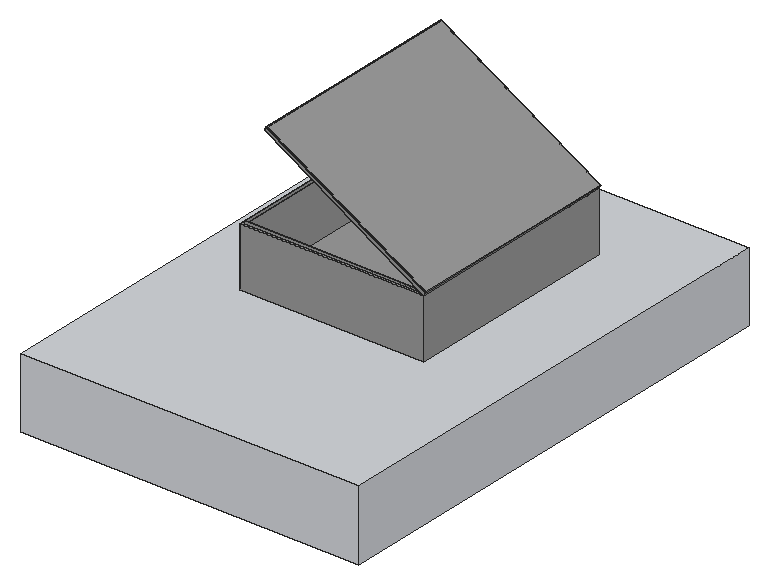
Revit family "Hager-Univers-IP55-D275-H950-Cl.II-Steel_encl-CH-it", category Equipement électrique, Revit 2020
Family settings
  Hôte = Face
  Configuration du panneau = Deux colonnes, circuits au sein
  Cote de connecteur circulaire = Utiliser le diamètre
  Type d'élément = Tableau de raccordement
  Couper avec des vides une fois chargée = Non
  Partagée = Non
  Point de calcul de pièce = Non
Parameters (values of type "A parete IP55 L800 A950 P275  - FR63S")
  Width Control [instance] = if([EF000008 - Larghezza] > Min Width, [EF000008 - Larghezza], Min Width)  # 800 mm
  Commentaires du type = [HG000003 - Gamma]  # "Univers"
  Thickness Door [instance] = if([EF009171 - spessore materiale porta/coperchio] > 3 mm, 3 mm, [EF009171 - spessore materiale porta/coperchio])  # 1.5 mm
  Seal Frame Offset [instance] = 17 mm  # constant formula
  Plinth Visibility [instance] = [HG000027 - Altezza dello zoccolo] > 0 mm  # no
  Model = ""
  Min Width [instance] = 100 mm  # constant formula
  Min Height [instance] = 100 mm  # constant formula
  Min Depth [instance] = (2 * [EF009170 - spessore materiale scatola]) + 1 mm  # 4 mm
  Internal Frame Depth [instance] = (Door System Depth * 0.5)  # 9 mm
  Height Control [instance] = if([EF000040 - Altezza] > Min Height, [EF000040 - Altezza], Min Height)  # 950 mm
  HG000027 - Altezza dello zoccolo = 0 mm
  HG000026 - A pavimento = no
  HG000024 - Altezza della sezione inferiore = 800 mm
  HG000023 - Custodia a doppia sezione = no
  HG000016 - Visibilità delle porte nella vista 3D [instance] = yes
  HG000015 - Visibilità attraverso la porta [instance] = no
  HG000014 - Porta destra [instance] = yes
  HG000013 - Porta sinistra [instance] = not([HG000014 - Porta destra])  # no
  HG000012 - Angolo di apertura della porta [instance] = 30.00°
  HG000010 - Porte asimmetriche = no
  HG000009 - Porta doppia a battente = no
  HG000006 - Ad incasso = no
  HG000004 - Codice produttore = "FR63S"
  HG000003 - Gamma = "Univers"
  HG000002 - Con porta = yes
  Frame Offset Bottom [instance] = 10 mm  # constant formula
  Frame Offset [instance] = 15 mm  # constant formula
  EF015940 - Coprire con rilascio di sovrapressione = no
  EF011959 - tipo di protezione (NEMA) = ""
  EF009554 - numero delle aperture per la piastra della flangia = 6
  Fabricant = "Hager"  # constant formula
  EF009212 - esecuzione coperchio = "EV000116 - chiuso"
  EF009171 - spessore materiale porta/coperchio = 1.5 mm
  EF009170 - spessore materiale scatola = 1.5 mm
  EF008873 - corrente nominale (In) = 800 A
  EF007800 - adatto per parafulmine = no
  EF006306 - con serratura = no
  EF006244 - coperchio/porta trasparente = no
  EF005474 - grado di protezione (IP) = "EV006420 - IP55"
  EF004464 - tipo di porta = "EV002646 - singolo"
  EF004427 - numero di moduli = 216
  EF004293 - resistenza agli urti = "EV008784 - IK10"
  EF003532 - adatto per uso esterno = no
  EF002950 - Numero moduli DIN = 24
  EF001613 - Integrità del circuito = "EV000494 - senza"
  EF001596 - Attacco Lampada = "EV000179 - acciaio"
  EF001131 - profondità interna = 275 mm
  EF001088 - possibilità di applicazione = yes
  EF000437 - numero di ingressi per conduttori = 6
  EF000339 - tipo di copertura = "EV004216 - porta"
  EF000266 - numero di file = 6
  EF000218 - profondità di incasso = 0 mm
  EF000118 - con piastra di montaggio = no
  EF000116 - numero RAL = "7035"
  EF000049 - profondità = 275 mm
  EF000040 - Altezza = 950 mm
  EF000008 - Larghezza = 800 mm
  EF000007 - colore = "EV000270 - grigio"
  EF000003 - Tipo di montaggio = "EV000384 - A parete"
  Door System Leaf Tolerance [instance] = 1.5 mm  # constant formula
  Door System Depth [instance] = 18 mm  # constant formula
  Door Height [instance] = Height Control - [HG000027 - Altezza dello zoccolo]  # 950 mm
  Depth Control [instance] = if([EF000049 - profondità] > Min Depth, [EF000049 - profondità], Min Depth)  # 275 mm
  Default Elevation = 0 mm
  Connector Offset [instance] = Height Control / 2  # 475 mm
  Bottom Top Plate Trim [instance] = 1.5 mm  # constant formula
  Plinth height Ctrl [instance] = if([HG000027 - Altezza dello zoccolo] > 0 mm, [HG000027 - Altezza dello zoccolo], 12 mm)  # 12 mm
Types (5, lengths in mm): name | Width Control | HG000010 - Porte asimmetriche | HG000009 - Porta doppia a battente | HG000004 - Codice produttore | EF009554 - numero delle aperture per la piastra della flangia | EF004464 - tipo di porta | EF004427 - numero di moduli | EF000437 - numero di ingressi per conduttori | EF000008 - Larghezza
  A parete IP55 L1050 A950 P275  - FR64S | 1050 | no | yes | "FR64S" | 8 | "EV003602 - doppio" | 288 | 8 | 1050
  A parete IP55 L1300 A950 P275  - FR65S | 1300 | yes | yes | "FR65S" | 10 | "EV003602 - doppio" | 360 | 10 | 1300
  A parete IP55 L300 A950 P275  - FR61S | 300 | no | no | "FR61S" | 2 | "EV002646 - singolo" | 72 | 2 | 300
  A parete IP55 L550 A950 P275  - FR62S | 550 | no | no | "FR62S" | 4 | "EV002646 - singolo" | 144 | 4 | 550
  A parete IP55 L800 A950 P275  - FR63S | 800 | no | no | "FR63S" | 6 | "EV002646 - singolo" | 216 | 6 | 800
Reference planes
  plane 1 "Center (Front/Back)": y = 0
  plane 2: z = 0
  plane 3 "Center (Left/Right)": x = 0
  plane 4: z = 275
  plane 5: y = 1.5
  plane 6: y = 475
  plane 7: y = 0
  plane 8: y = 950
  plane 9: z = 0
  plane 10: x = -385
  plane 11: x = 385
  plane 12: x = 383.5
  plane 13: x = -383.5
  plane 14: y = 948.5
  plane 15: x = -383
  plane 16: x = -400
  plane 17: x = 383
  plane 18: x = 400
  plane 19: x = 398.5
  plane 20: x = -398.5
  plane 21: y = 11.5
  plane 22: y = 950
  plane 23: y = 933.5
  plane 24: z = 257
  plane 25: z = 1.5
  plane 26: z = 255.5
  plane 27: z = 273.5
Forms (mm)
  Extrusion 1, solid
    sketch origin (0, 0, 0) x (1, 0, 0) y (0, 1, 0)
      loop
        line (-702.964, 1305) -> (-702.964, -811.445) -> (766.763, -811.445) -> (766.763, 1305) -> (-702.964, 1305)
    from 0 to -304.8
  Extrusion 2, solid, material "Hager_Steel_RAL7035_Light_Grey", visible <- "Plinth Visibility", detail levels medium+fine
    sketch origin (0, 0, 0) x (1, 0, 0) y (0, 1, 0)
      loop
        line (-400, 0) -> (400, 0) -> (400, 12) -> (-400, 12) -> (-400, 0)
    from 0 to 257
  Extrusion 3, solid, material "Hager_Steel_RAL7035_Light_Grey", detail levels medium+fine
    sketch origin (0, 0, 0) x (1, 0, 0) y (0, 1, 0)
      loop
        line (-400, 0) -> (400, 0) -> (400, 950) -> (-400, 950) -> (-400, 0)
    from 0 to 257
  Extrusion 4, void
    sketch origin (0, 0, 0) x (1, 0, 0) y (0, 1, 0)
      loop
        line (-398.5, 1.5) -> (398.5, 1.5) -> (398.5, 948.5) -> (-398.5, 948.5) -> (-398.5, 1.5)
    from 1.5 to 255.5
  Extrusion 5, void
    sketch origin (-381.607, -4572, 257) x (0, -1, 0) y (-1, 0, 0)
      loop
        line (-4583.5, 1.893) -> (-5505.5, 1.893) -> (-5505.5, -765.107) -> (-4583.5, -765.107) -> (-4583.5, 1.893)
    from 0 to 1.5 <- "EF009170 - spessore materiale scatola"
  Extrusion 6, solid, material "Hager_Steel_RAL7035_Light_Grey", detail levels fine
    sketch origin (0, 0, 257) x (1, 0, 0) y (0, 1, 0)
      loop
        line (-383.5, 933.5) -> (-383.5, 11.5) -> (383.5, 11.5) -> (383.5, 933.5) -> (-383.5, 933.5)
      loop
        line (-385, 10) -> (385, 10) -> (385, 935) -> (-385, 935) -> (-385, 10)
    from 0 to 9 <- "Internal Frame Depth"
  Extrusion 7, solid, material "Hager_Steel_RAL7035_Light_Grey", detail levels coarse
    sketch origin (0, 0, 0) x (1, 0, 0) y (0, 1, 0)
      loop
        line (-400, 0) -> (400, 0) -> (400, 950) -> (-400, 950) -> (-400, 0)
    from 0 to 275
  Sweep 8, void
    path in 3D
      loop
        line (-400, 12, 0) -> (400, 12, 0) -> (400, 12, 257) -> (-400, 12, 257) -> (-400, 12, 0)
    profile origin (-400, 12, 128.5) x (-1, 0, 0) y (0, -1, 0)
      loop
        line (0, 0) -> (0, 1.5) -> (-1.5, 1.5)
        arc (-1.5, 1.5) -> (-1.061, 0.439) -> (0, 0) r 1.5
Cuts and joins
  Extrusion 4, Extrusion 5 cuts Extrusion 3
  Sweep 8 cuts Extrusion 2
Lines and regions (mm)
  Masking region 1
    outline origin (0, 0, 0) x (1, 0, 0) y (0, 0, 1)
      loop
        line (-400, 275) -> (-400, 0) -> (400, 0) -> (400, 275) -> (-400, 275)
  Masking region 2, detail levels medium+fine
    outline origin (0, 140, 0) x (0, 1, 0) y (0, 0, 1)
      loop
        line (-140, 0) -> (810, 0) -> (810, 257) -> (-140, 257) -> (-140, 0)
  Masking region 3, not visible, detail levels medium+fine
    outline origin (0, 297.922, 0) x (0, 1, 0) y (0, 0, 1)
      loop
        line (188.578, 0) -> (228.578, 0) -> (228.578, 263.5)
        arc (228.578, 263.5) -> (225.649, 270.571) -> (218.578, 273.5) r 10
        line (218.578, 273.5) -> (188.578, 273.5) -> (188.578, 0)
  Masking region 4, detail levels coarse
    outline origin (0, 0, 180) x (0, 1, 0) y (0, 0, 1)
      loop
        line (0, -180) -> (950, -180) -> (950, 95) -> (0, 95) -> (0, -180)
  Masking region 5, visible <- "Plinth Visibility", detail levels medium+fine
    outline origin (0, 52.24, 12.345) x (0, 0, -1) y (0, 1, 0)
      loop
        line (10.845, -40.24) -> (-243.155, -40.24)
        arc (-243.155, -40.24) -> (-243.594, -41.301) -> (-244.655, -41.74) r 1.5
        line (-244.655, -41.74) -> (-244.655, -52.24) -> (12.345, -52.24) -> (12.345, -41.74)
        arc (12.345, -41.74) -> (11.285, -41.301) -> (10.845, -40.24) r 1.5
  Masking region 6, detail levels medium+fine
    outline origin (-381.607, -4572, 257) x (-1, 0, 0) y (0, -1, 0)
      loop
        line (18.393, -5522) -> (18.393, -4572) -> (-781.607, -4572) -> (-781.607, -5522) -> (18.393, -5522)
  Masking region 7, visible <- "Plinth Visibility", detail levels medium+fine
    outline origin (-381.607, -4727, 257) x (-1, 0, 0) y (0, -1, 0)
      loop
        arc (16.893, -4739) -> (17.332, -4737.939) -> (18.393, -4737.5) r 1.5
        line (18.393, -4737.5) -> (18.393, -4727) -> (-781.607, -4727) -> (-781.607, -4737.5)
        arc (-781.607, -4737.5) -> (-780.546, -4737.939) -> (-780.107, -4739) r 1.5
        line (-780.107, -4739) -> (16.893, -4739)
  Masking region 8, detail levels coarse
    outline origin (-442.548, -4669.526, 257) x (-1, 0, 0) y (0, -1, 0)
      loop
        line (-42.548, -5619.526) -> (-42.548, -4669.526) -> (-842.548, -4669.526) -> (-842.548, -5619.526) -> (-42.548, -5619.526)
  sketch lines
    curve 1: line (-400, 12, 257) -> (-400, 12, 0)
    curve 2: line (400, 12, 257) -> (-400, 12, 257)
    curve 3: line (400, 12, 257) -> (400, 12, 0)
    curve 4: line (-400, 12, 0) -> (400, 12, 0)
Dimensions and locks
  "Depth Control": plane 4 to Extrusion 1
  "HG000027 - Altezza dello zoccolo": plane 1 "Center (Front/Back)" to plane 7
  "EF009170 - spessore materiale scatola": plane 5 to plane 7
  locked: connector elem to plane 3 "Center (Left/Right)"
  equal spacing: plane 8, plane 6, plane 7
  locked: connector elem to plane 6
  "EF009170 - spessore materiale scatola": plane 8 to plane 14
  "EF009170 - spessore materiale scatola": plane 10 to plane 13
  "EF009170 - spessore materiale scatola": plane 12 to plane 11
  "Frame Offset": plane 20 to plane 13
  "Frame Offset": plane 12 to plane 19
  "EF009170 - spessore materiale scatola": plane 16 to plane 20
  "EF009170 - spessore materiale scatola": plane 19 to plane 18
  "Seal Frame Offset": plane 16 to plane 15
  "Seal Frame Offset": plane 17 to plane 18
  "Frame Offset Bottom": plane 21 to plane 5
  "Frame Offset": plane 14 to plane 23
  equal spacing: plane 16, plane 3 "Center (Left/Right)", plane 18
  "Width Control": plane 16 to plane 18
  "EF009170 - spessore materiale scatola": plane 4 to plane 27
  "EF009170 - spessore materiale scatola": plane 24 to plane 26
  "EF009170 - spessore materiale scatola": plane 25 to level
  "Door System Depth": plane 4 to plane 24
  "Height Control": plane 1 "Center (Front/Back)" to Extrusion 7 sketch curve
  "Height Control": Masking region 4 sketch curve to plane 1 "Center (Front/Back)"
  "Height Control": plane 1 "Center (Front/Back)" to plane 22
  "Bottom Top Plate Trim": profile plane to Sweep 8 sketch curve
  "Bottom Top Plate Trim": Sweep 8 sketch curve to profile plane
  "Plinth height Ctrl": plane 1 "Center (Front/Back)" to Extrusion 2 sketch curve
  "Plinth height Ctrl": Masking region 5 sketch curve to plane 1 "Center (Front/Back)"
  "Plinth height Ctrl": plane 1 "Center (Front/Back)" to Masking region 7 sketch curve
  "Thickness Door": Extrusion 6 sketch curve to Extrusion 6 sketch curve  (x3)
  "Thickness Door": cut or joined group of Extrusion 3, Extrusion 4, Extrusion 5 to Extrusion 6 sketch curve
  radius of Masking region 3 sketch curve = 10 mm
  "Bottom Top Plate Trim": radius of Masking region 5 sketch curve  (x2)
  "Bottom Top Plate Trim": radius of Sweep 8 sketch curve
  "Bottom Top Plate Trim": radius of Masking region 7 sketch curve  (x2)
  aligned and locked: plane 2 to Extrusion 1
  aligned and locked: level to Extrusion 1
  aligned and locked: level to Masking region 1 sketch curve
  aligned and locked: Masking region 1 sketch curve to plane 18
  aligned and locked: Masking region 1 sketch curve to plane 16
  aligned and locked: plane 7 to Masking region 2 sketch curve
  aligned and locked: level to Masking region 3 sketch curve
  aligned and locked: Masking region 3 sketch curve to plane 27
  aligned and locked: level to Masking region 2 sketch curve
  aligned and locked: plane 1 "Center (Front/Back)" to Extrusion 2 sketch curve
  aligned and locked: Extrusion 3 sketch curve to plane 7
  aligned and locked: plane 16 to Extrusion 3 sketch curve
  aligned and locked: plane 18 to Extrusion 3 sketch curve
  aligned and locked: plane 20 to Extrusion 4 sketch curve
  aligned and locked: plane 19 to Extrusion 4 sketch curve
  aligned and locked: Extrusion 4 sketch curve to plane 5
  aligned and locked: Extrusion 4 to plane 25
  aligned and locked: plane 26 to Extrusion 4
  aligned and locked: plane 24 to Extrusion 3
  aligned and locked: Extrusion 5 sketch curve to plane 21
  aligned and locked: Extrusion 5 sketch curve to plane 13
  aligned and locked: Extrusion 5 sketch curve to plane 12
  aligned and locked: plane 18 to Extrusion 7 sketch curve
  aligned and locked: plane 1 "Center (Front/Back)" to Extrusion 7 sketch curve
  aligned and locked: plane 16 to Extrusion 7 sketch curve
  aligned and locked: plane 4 to Extrusion 7
  aligned and locked: Extrusion 7 to level
  aligned and locked: level to Masking region 4 sketch curve
  aligned and locked: Masking region 4 sketch curve to plane 1 "Center (Front/Back)"
  aligned and locked: Masking region 4 sketch curve to plane 4
  aligned and locked: nested 1 to level
  aligned and locked: nested 1 to plane 16
  aligned and locked: plane 8 to Extrusion 3 sketch curve
  aligned and locked: plane 23 to Extrusion 5 sketch curve
  aligned and locked: plane 14 to Extrusion 4 sketch curve
  aligned and locked: Masking region 2 sketch curve to plane 8
  aligned and locked: level to Masking region 5 sketch curve
  aligned and locked: plane 16 to Extrusion 2 sketch curve
  aligned and locked: plane 18 to Extrusion 2 sketch curve
  aligned and locked: Masking region 5 sketch curve to plane 24
  aligned and locked: Masking region 2 sketch curve to plane 24
  aligned and locked: plane 24 to Extrusion 2
  aligned and locked: profile plane to Sweep 8 sketch curve  (x2)
  aligned and locked: Masking region 6 sketch curve to plane 18
  aligned and locked: Masking region 6 sketch curve to plane 22
  aligned and locked: Masking region 6 sketch curve to plane 16
  aligned and locked: plane 8 to plane 22
  aligned and locked: Masking region 6 sketch curve to plane 7
  aligned and locked: Masking region 7 sketch curve to plane 16
  aligned and locked: Masking region 7 sketch curve to plane 1 "Center (Front/Back)"
  aligned and locked: Masking region 7 sketch curve to plane 18
  aligned and locked: Masking region 8 sketch curve to plane 1 "Center (Front/Back)"
  aligned and locked: Masking region 8 sketch curve to plane 18
  aligned and locked: Masking region 8 sketch curve to plane 22
  aligned and locked: Masking region 8 sketch curve to plane 16
  aligned and locked: nested 2 to plane 7
  aligned and locked: plane 3 "Center (Left/Right)" to nested 2
  aligned and locked: nested 2 to plane 24
  aligned and locked: Extrusion 6 sketch curve to cut or joined group of Extrusion 3, Extrusion 4, Extrusion 5  (x4)
Automatic sketch dimensions
  Extrusion 1 sketch curve to Extrusion 1 sketch curve = 1469.727 mm
  Extrusion 1 sketch curve to Extrusion 1 sketch curve = 2116.445 mm
  Masking region 1 sketch curve to plane 4 = 0 mm
  plane 6 to Masking region 3 sketch curve = 11.5 mm
  Masking region 3 sketch curve to Masking region 3 sketch curve = 30 mm
  Masking region 5 sketch curve to plane 1 "Center (Front/Back)" = 0 mm
Nested families
  nested 1: "Hager_Enclosure_Symbol" at (-400, 0, 0) x (1, 0, 0) z (0, -1, 0), Height <- "Depth Control", Width <- "Width Control", type "Hager_Enclosure_Symbol"
    with Width_Ctrl 800 mm, Width 800 mm, Height_Ctrl 275 mm, Height 275 mm, A_Width_Int 18.047 mm, A_Width 216.562 mm, A_Height_Ctrl 240.625 mm, A_Height 240.625 mm
  nested 2: "EC000058_Univers_Door" at (0, 0, 257) x (1, 0, 0) z (0, 1, 0), Leaf_Tolerance <- "Door System Leaf Tolerance", Angle <- "HG000012 - Angolo di apertura della porta", Door_Depth <- "Door System Depth", Door_Left <- "HG000013 - Porta sinistra", Transparent <- "EF006244 - coperchio/porta trasparente", Assymetrical <- "HG000010 - Porte asimmetriche", Width <- "Width Control", Clearance <- "HG000015 - Visibilità attraverso la porta", Double <- "HG000009 - Porta doppia a battente", 3d_Door <- "HG000016 - Visibilità delle porte nella vista 3D", Lock_Visibility <- "EF006306 - con serratura", Width_Ctrl <- "Width Control", Door_Right <- "HG000014 - Porta destra", Door <- "HG000002 - Con porta", Height <- "Door Height", Thickness <- "Thickness Door", type "EC000058_Univers_Door", detail levels medium+fine
    with min_wh 4 mm, Width_Ctrl 800 mm, Width 800 mm, Transparent no, Thickness 1.5 mm, Seal_Material Hager_Rubber, Lock_Visibility no, Lock_Material Hager_Plastic_RAL9005_Jet_Black, Leaf_Width 800 mm, Leaf_Tolerance_External_Sides 0 mm, Leaf_Tolerance 1.5 mm, Leaf_Offset 0 mm, Leaf_Height 947 mm, Leaf_2_Width 800 mm, Leaf_2_Offset 400 mm, Leaf_1_Width 800 mm, Leaf_1_Offset 400 mm, Height_Ctrl 950 mm, Height 950 mm, Glass_Material Hager_Glass, Double_Clearance_Ctrl no, Double no, Door_Right_Ctrl yes, Door_Right yes, Door_Material Hager_Steel_RAL7035_Light_Grey, Door_Left_Ctrl no, Door_Left no, Door_Depth 18 mm, Door yes, Clearance_Material Hager_Clearance, Clearance_Depth 800 mm, Clearance_Ctrl no, Clearance no, Assymetrical no, Angle 30.00°, 3d_Door yes
Connectors
  electrical at (0, 475, 0)
    settings: on plane 9, index 1, voltage 0 V, apparent load 0 VA, apparent load phase1 0 VA, apparent load phase2 0 VA, apparent load phase3 0 VA, power factor 1, load classification "Other", number of poles 1, system type 30, power factor state 1, is connector primary yes, connector utility no, sub classification motor no, connector description ""
Definition of nested family "EC000058_Univers_Door"
  Parameters (values of type "EC000058_Univers_Door")
    min_wh [instance] = (2 * Thickness) + 1 mm  # 11 mm
    Width_Ctrl [instance] = 400 mm
    Width [instance] = 500 mm
    Transparent [instance] = yes
    Thickness [instance] = 5 mm
    Seal_Material [instance] = none
    Lock_Visibility [instance] = yes
    Lock_Material [instance] = none
    Leaf_Width [instance] = if((Width_Ctrl - 2 * Leaf_Tolerance_External_Sides) > 0 mm, (Width_Ctrl - 2 * Leaf_Tolerance_External_Sides), min_wh)  # 400 mm
    Leaf_Tolerance_External_Sides [instance] = 0 mm  # constant formula
    Leaf_Tolerance [instance] = 1.5 mm
    Leaf_Offset [instance] = 0 mm  # constant formula
    Leaf_Height [instance] = if((Height_Ctrl - 2 * Leaf_Tolerance) > 0 mm, (Height_Ctrl - 2 * Leaf_Tolerance), min_wh)  # 497 mm
    Leaf_2_Width [instance] = if(and(and(Double, Assymetrical), Door_Left), (Leaf_Width / 3) - (Leaf_Tolerance / 2), if(and(and(Double, Assymetrical), Door_Right), (Leaf_Width / 3) * 2 - (Leaf_Tolerance / 2), if(and(Double, not(Assymetrical)), (Leaf_Width / 2) - Leaf_Tolerance, Leaf_Width)))  # 400 mm
    Leaf_2_Offset [instance] = if(and(Double, Assymetrical), Leaf_2_Width / 2, if(and(Double, not(Assymetrical)), Leaf_Width / 4, Leaf_Width / 2))  # 200 mm
    Leaf_1_Width [instance] = if(and(and(Double, Assymetrical), Door_Right), (Leaf_Width / 3) - (Leaf_Tolerance / 2), if(and(and(Double, Assymetrical), Door_Left), (Width / 3) * 2 - (Leaf_Tolerance / 2), if(and(Double, not(Assymetrical)), (Leaf_Width / 2) - Leaf_Tolerance, Leaf_Width)))  # 400 mm
    Leaf_1_Offset [instance] = if(and(Double, Assymetrical), Leaf_1_Width / 2, if(and(Double, not(Assymetrical)), Leaf_Width / 4, Leaf_Width / 2))  # 200 mm
    Height_Ctrl [instance] = if(Height > min_wh, Height, min_wh)  # 500 mm
    Height [instance] = 500 mm
    Glass_Material [instance] = none
    Double_Clearance_Ctrl [instance] = and(Double, Clearance)  # no
    Double [instance] = no
    Door_Right_Ctrl [instance] = and(or(Door_Right, Double), Door)  # yes
    Door_Right [instance] = yes
    Door_Material [instance] = none
    Door_Left_Ctrl [instance] = and(or(Door_Left, Double), Door)  # no
    Door_Left [instance] = no
    Door_Depth [instance] = 30 mm
    Door [instance] = yes
    Default Elevation = 1219.2 mm
    Clearance_Material [instance] = none
    Clearance_Depth [instance] = if(Leaf_1_Width > Leaf_2_Width, Leaf_1_Width, Leaf_2_Width)  # 400 mm
    Clearance_Ctrl [instance] = and(not(Double), Clearance)  # yes
    Clearance [instance] = yes
    Assymetrical [instance] = yes
    Angle [instance] = 30.00°
    3d_Door [instance] = yes
  Reference planes
    plane 1 "Center (Front/Back)": y = 0
    plane 2 "Bottom": z = 0
    plane 3 "Center (Left/Right)": x = 0
    plane 4: z = 500
    plane 5: x = -200
    plane 6: x = 200
    plane 7: z = 500
    plane 8: x = -200
    plane 9: z = 0
    plane 10: x = 200
    plane 11: y = 0
    plane 12: z = 1.5
    plane 13: x = -600
    plane 14: y = -400
    plane 15: x = 600
    plane 16: x = 0
    plane 17: x = 0
    plane 18: x = -200
    plane 19: x = 200
    plane 20: z = 498.5
  Forms (mm)
    Extrusion 1, solid, material <- "Clearance_Material", visible <- "Double_Clearance_Ctrl"
      sketch origin (1200, 0, 0) x (1, 0, 0) y (0, 0, -1)
        loop
          line (-1800, -498.5) -> (-600, -498.5) -> (-600, 0) -> (-1800, 0) -> (-1800, -498.5)
      from 0 to -400
  Dimensions and locks
    equal spacing: plane 5, plane 3 "Center (Left/Right)", plane 6
    "Width_Ctrl": plane 5 to plane 6
    "Leaf_Offset": plane 5 to plane 8
    "Leaf_Offset": plane 6 to plane 10
    "Leaf_Offset": plane 9 to level
    "Leaf_Offset": plane 4 to plane 7
    "Height_Ctrl": plane 4 to level
    "Leaf_Tolerance": plane 12 to plane 9
    locked: plane 11 to plane 1 "Center (Front/Back)"
    "Leaf_1_Offset": plane 18 to plane 16
    "Leaf_2_Offset": plane 17 to plane 19
    "Leaf_1_Width": plane 13 to plane 8
    "Leaf_2_Width": plane 10 to plane 15
    "Clearance_Depth": plane 14 to plane 1 "Center (Front/Back)"
    "Leaf_Tolerance_External_Sides": plane 8 to plane 18
    "Leaf_Tolerance_External_Sides": plane 19 to plane 10
    "Leaf_Tolerance": plane 7 to plane 20
    aligned and locked: level to plane 2 "Bottom"
    aligned and locked: nested 1 to plane 16
    aligned and locked: nested 2 to plane 17
    aligned and locked: Extrusion 1 to plane 13
    aligned and locked: plane 15 to Extrusion 1
    aligned and locked: Extrusion 1 to plane 14
    aligned and locked: plane 12 to nested 1
    aligned and locked: nested 2 to plane 12
    aligned and locked: Extrusion 1 to plane 11
    aligned and locked: plane 20 to Extrusion 1
    aligned and locked: nested 2 to plane 11
    aligned and locked: nested 1 to plane 11
  Automatic sketch dimensions
    Extrusion 1 sketch curve to level = 0 mm
    plane 5 to Extrusion 1 sketch curve = 400 mm
    plane 6 to Extrusion 1 sketch curve = 400 mm
    Extrusion 1 sketch curve to plane 4 = 1.5 mm
  Nested families
    nested 1: "EC000058_Univers_Door_Leaf" at (0, 0, 1.5), Width <- "Leaf_1_Width", visible <- "Door_Left_Ctrl", Leaf_Height <- "Leaf_Height", Angle <- "Angle", 3d_Door <- "3d_Door", Transparent <- "Transparent", Clearance Material <- "Clearance_Material", Clearance <- "Clearance_Ctrl", Door_Material <- "Door_Material", Glass_Material <- "Glass_Material", Door_Depth <- "Door_Depth", Lock_Material <- "Lock_Material", Seal_Material <- "Seal_Material", Lock_Visibility <- "Lock_Visibility", Thickness <- "Thickness", type "EC000058_Univers_Door_Leaf"
      with Width 400 mm, Transparent_Glass_Offset 30 mm, Transparent_Ctrl yes, Transparent yes, Thickness 5 mm, Standard no, Seal_Material none, Seal_D2 8 mm, Seal_D1 1 mm, Offset_Internal_Frame 10 mm, Lock_Width 20 mm, Lock_Visibility_3d yes, Lock_Visibility yes, Lock_Thickness_3 3 mm, Lock_Thickness_2 1 mm, Lock_Thickness_1 3 mm, Lock_Radius_Offset_2 16 mm, Lock_Radius_Offset_1 15 mm, Lock_Radius_2 5 mm, Lock_Radius 6 mm, Lock_Offset 5 mm, Lock_Material none, Lock_Height 80 mm, Lock_Cover_Top_Offset_2d 17 mm, Lock_Cover_Height -65 mm, Leaf_Height 497 mm, Internal_Seal_Thickness 8 mm, Internal_Seal_Depth_2 4.5 mm, Internal_Frame_Depth 25 mm, Glass_Thickness -1 mm, Glass_Offset -2 mm, Glass_Material none, Door_Material none, Door_Depth 30 mm, Clearance Material none, Clearance yes, Angle_Ctrl 30.00°, Angle 30.00°, 3d_Door yes
    nested 2: "EC000058_Univers_Door_Leaf" at (0, 0, 1.5) x (-1, 0, 0) z (0, 0, 1), Width <- "Leaf_2_Width", visible <- "Door_Right_Ctrl", Leaf_Height <- "Leaf_Height", Angle <- "Angle", 3d_Door <- "3d_Door", Transparent <- "Transparent", Clearance Material <- "Clearance_Material", Clearance <- "Clearance_Ctrl", Door_Material <- "Door_Material", Glass_Material <- "Glass_Material", Door_Depth <- "Door_Depth", Lock_Material <- "Lock_Material", Seal_Material <- "Seal_Material", Lock_Visibility <- "Lock_Visibility", Thickness <- "Thickness", type "EC000058_Univers_Door_Leaf"
      with Width 400 mm, Transparent_Glass_Offset 30 mm, Transparent_Ctrl yes, Transparent yes, Thickness 5 mm, Standard no, Seal_Material none, Seal_D2 8 mm, Seal_D1 1 mm, Offset_Internal_Frame 10 mm, Lock_Width 20 mm, Lock_Visibility_3d yes, Lock_Visibility yes, Lock_Thickness_3 3 mm, Lock_Thickness_2 1 mm, Lock_Thickness_1 3 mm, Lock_Radius_Offset_2 16 mm, Lock_Radius_Offset_1 15 mm, Lock_Radius_2 5 mm, Lock_Radius 6 mm, Lock_Offset 5 mm, Lock_Material none, Lock_Height 80 mm, Lock_Cover_Top_Offset_2d 17 mm, Lock_Cover_Height -65 mm, Leaf_Height 497 mm, Internal_Seal_Thickness 8 mm, Internal_Seal_Depth_2 4.5 mm, Internal_Frame_Depth 25 mm, Glass_Thickness -1 mm, Glass_Offset -2 mm, Glass_Material none, Door_Material none, Door_Depth 30 mm, Clearance Material none, Clearance yes, Angle_Ctrl 30.00°, Angle 30.00°, 3d_Door yes
  Definition of nested family "EC000058_Univers_Door_Leaf"
    Parameters (values of type "EC000058_Univers_Door_Leaf")
      Width [instance] = 2000 mm
      Transparent_Glass_Offset [instance] = 30 mm
      Transparent_Ctrl [instance] = and(Transparent, [3d_Door])  # yes
      Transparent [instance] = yes
      Thickness [instance] = 5 mm
      Standard [instance] = and(not(Transparent), [3d_Door])  # no
      Seal_Material [instance] = none
      Seal_D2 [instance] = 8 mm  # constant formula
      Seal_D1 [instance] = 1 mm  # constant formula
      Offset_Internal_Frame [instance] = 10 mm  # constant formula
      Lock_Width [instance] = 20 mm  # constant formula
      Lock_Visibility_3d [instance] = and(Lock_Visibility, [3d_Door])  # yes
      Lock_Visibility [instance] = yes
      Lock_Thickness_3 [instance] = 3 mm  # constant formula
      Lock_Thickness_2 [instance] = 1 mm  # constant formula
      Lock_Thickness_1 [instance] = 3 mm  # constant formula
      Lock_Radius_Offset_2 [instance] = Lock_Radius_Offset_1 + 1 mm  # 16 mm
      Lock_Radius_Offset_1 [instance] = 15 mm  # constant formula
      Lock_Radius_2 [instance] = Lock_Radius - 1 mm  # 5 mm
      Lock_Radius [instance] = 6 mm  # constant formula
      Lock_Offset [instance] = 5 mm  # constant formula
      Lock_Material [instance] = none
      Lock_Height [instance] = 80 mm  # constant formula
      Lock_Cover_Top_Offset_2d [instance] = Lock_Radius_Offset_2 + 1 mm  # 17 mm
      Lock_Cover_Height [instance] = -(Lock_Height - Lock_Radius_Offset_1)  # -65 mm
      Leaf_Height [instance] = 2720.336 mm
      Internal_Seal_Thickness [instance] = 8 mm  # constant formula
      Internal_Seal_Depth_2 [instance] = 4.5 mm  # constant formula
      Internal_Frame_Depth [instance] = if(Door_Depth - Thickness > 5 mm, Door_Depth - Thickness, 5 mm)  # 25 mm
      Glass_Thickness [instance] = if(Thickness > 15 mm, Glass_Offset + 10 mm, -1 mm)  # -1 mm
      Glass_Offset [instance] = if(Thickness > 15 mm, -(Thickness + 10 mm) / 2, -2 mm)  # -2 mm
      Glass_Material [instance] = none
      Door_Material [instance] = none
      Door_Depth [instance] = 30 mm
      Default Elevation = 0 mm
      Clearance Material [instance] = none
      Clearance [instance] = yes
      Angle_Ctrl [instance] = if(Angle > 180.00°, 180.00°, Angle)  # 90.00°
      Angle [instance] = 90.00°
      3d_Door [instance] = yes
    Reference planes
      plane 1 "Center (Front/Back)": y = 0
      plane 2: z = 0
      plane 3 "Center (Left/Right)": x = 0
      plane 4: y = 2000
      plane 5: x = -1000
      plane 6: x = 1000
      plane 7: x = -3000
      plane 8: z = 2720.336
      plane 9: z = 30
      plane 10: z = 2690.336
      plane 11: x = 970
      plane 12: x = -970
      plane 13: y = -3
      plane 14: z = 107.833
      plane 15: y = -5
      plane 16: y = -223.314
      plane 17: x = -1000
      plane 18: z = 1360.168
      plane 19: y = 30
    Forms (mm)
      Extrusion 1, solid, material <- "Clearance Material", visible <- "Clearance"
        sketch origin (0, 0, 0) x (1, 0, 0) y (0, 0, 1)
          loop
            line (-3000, 2720.336) -> (-3000, 0) -> (1000, 0) -> (1000, 2720.336) -> (-3000, 2720.336)
        from 0 to -2000
      Extrusion 2, solid, material <- "Door_Material", visible <- "Standard", detail levels medium+fine
        sketch origin (-1000, 0, 0) x (0, 1, 0) y (-1, 0, 0)
          loop
            line (0, 30) -> (0, 25) -> (2000, 25) -> (2000, 30) -> (0, 30)
        from 0 to 2720.336 <- "Leaf_Height"
      Extrusion 3, solid, material <- "Door_Material", visible <- "Transparent_Ctrl", detail levels medium+fine
        sketch origin (-1000, 0, 0) x (0, 1, 0) y (-1, 0, 0)
          loop
            line (0, 25) -> (2000, 25) -> (2000, 30) -> (0, 30) -> (0, 25)
        from 0 to 2720.336 <- "Leaf_Height"
      Extrusion 4, void
        sketch origin (-1025, 2000, 0) x (0, 1, 0) y (0, 0, -1)
          loop
            line (-30, -2690.336) -> (-30, -30) -> (-1970, -30) -> (-1970, -2690.336) -> (-30, -2690.336)
        from 0 to 5 <- "Thickness"
      Sweep 5, solid, material <- "Seal_Material", visible <- "Transparent_Ctrl", detail levels fine
        path in 3D
          loop
            line (-1025, 30, 30) -> (-1025, 30, 2690.336) -> (-1025, 1970, 2690.336) -> (-1025, 1970, 30) -> (-1025, 30, 30)
        profile origin (-1025, 1000, 30) x (1, 0, 0) y (0, 0, 1)
          loop
            line (0, 0) -> (0, -8) -> (1, -8) -> (1, 0) -> (0, 0)
      Extrusion 6, solid, material <- "Glass_Material", visible <- "Transparent_Ctrl", detail levels medium+fine
        sketch origin (-1030, 0, 0) x (0, 1, 0) y (0, 0, -1)
          loop
            line (1970, -2690.336) -> (1970, -30) -> (30, -30) -> (30, -2690.336) -> (1970, -2690.336)
        from -2 <- "Glass_Offset" to -1 <- "Glass_Thickness"
      Extrusion 7, solid, material <- "Door_Material", visible <- "3d_Door", detail levels medium+fine
        sketch origin (-1025, 2000, 0) x (0, -1, 0) y (0, 0, -1)
          loop
            line (0, -2720.336) -> (2000, -2720.336) -> (2000, 0) -> (0, 0) -> (0, -2720.336)
          loop
            line (1995, -5) -> (5, -5) -> (5, -2715.336) -> (1995, -2715.336) -> (1995, -5)
        from 0 to 25 <- "Internal_Frame_Depth"
      Sweep 8, solid, material <- "Seal_Material", visible <- "Transparent_Ctrl", detail levels fine
        path in 3D
          loop
            line (-1025, 0, 0) -> (-1025, 2000, 0) -> (-1025, 2000, 2720.336) -> (-1025, 0, 2720.336) -> (-1025, 0, 0)
        profile origin (-1025, 0, 1360.168) x (1, 0, 0) y (0, 1, 0)
          loop
            line (0, 10) -> (2.975, 10)
            arc (2.975, 10) -> (4.053, 10.447) -> (4.5, 11.525) r 1.525
            line (4.5, 11.525) -> (4.5, 16.527)
            arc (4.5, 16.527) -> (4.069, 17.569) -> (3.027, 18) r 1.473
            line (3.027, 18) -> (0, 18) -> (0, 10)
      Extrusion 9, solid, material <- "Lock_Material", visible <- "Lock_Visibility_3d", detail levels fine
        sketch origin (-1030, 0, 0) x (0, 1, 0) y (0, 0, -1)
          loop
            arc (1993.5, -1400.168) -> (1994.561, -1399.729) -> (1995, -1398.668) r 1.5
            line (1995, -1398.668) -> (1995, -1320.168) -> (1975, -1320.168) -> (1975, -1398.668)
            arc (1975, -1398.668) -> (1975.439, -1399.729) -> (1976.5, -1400.168) r 1.5
            line (1976.5, -1400.168) -> (1993.5, -1400.168)
        from 3 <- "Lock_Thickness_1" to 0
      Blend 10, solid, material <- "Lock_Material", visible <- "Lock_Visibility_3d", detail levels fine
        base sketch origin (-1033, 0, 0) x (0, 1, 0) y (0, 0, -1)
          loop
            line (1975, -1320.168) -> (1975, -1398.668)
            arc (1975, -1398.668) -> (1975.439, -1399.729) -> (1976.5, -1400.168) r 1.5
            line (1976.5, -1400.168) -> (1993.5, -1400.168)
            arc (1993.5, -1400.168) -> (1994.561, -1399.729) -> (1995, -1398.668) r 1.5
            line (1995, -1398.668) -> (1995, -1320.168) -> (1975, -1320.168)
        top sketch origin (-1033, 0, 0) x (0, 1, 0) y (0, 0, -1)
          loop
            line (1976, -1320.168) -> (1976, -1398.668)
            arc (1976, -1398.668) -> (1976.146, -1399.022) -> (1976.5, -1399.168) r 0.5
            line (1976.5, -1399.168) -> (1993.5, -1399.168)
            arc (1993.5, -1399.168) -> (1993.854, -1399.022) -> (1994, -1398.668) r 0.5
            line (1994, -1398.668) -> (1994, -1320.168) -> (1976, -1320.168)
        from 0 to 1 <- "Lock_Thickness_2"
      Blend 11, solid, material <- "Lock_Material", visible <- "Lock_Visibility_3d", detail levels fine
        base sketch origin (-1034, 0, 0) x (0, 1, 0) y (0, 0, -1)
          loop
            line (1978, -1320.168) -> (1978, -1384.168)
            arc (1978, -1384.168) -> (1985, -1391.168) -> (1992, -1384.168) r 7
            line (1992, -1384.168) -> (1992, -1320.168) -> (1978, -1320.168)
        top sketch origin (-1034, 0, 0) x (0, 1, 0) y (0, 0, -1)
          loop
            line (1991, -1320.168) -> (1979, -1320.168) -> (1979, -1383.168)
            arc (1979, -1383.168) -> (1985, -1389.168) -> (1991, -1383.168) r 6
            line (1991, -1383.168) -> (1991, -1320.168)
        from 0 to 3 <- "Lock_Thickness_3"
      Extrusion 12, solid, material <- "Lock_Material", visible <- "Lock_Visibility_3d", detail levels fine
        sketch origin (-1030, 1975, 1320.168) x (1, 0, 0) y (0, -1, 0)
          loop
            line (-7, -19) -> (-7, -1) -> (0, -1) -> (0, 0) -> (-8, 0) -> (-8, -20) -> (0, -20) -> (0, -19) -> (-7, -19)
        from 0 to -65 <- "Lock_Cover_Height"
      Extrusion 13, void
        sketch origin (-1038, 1995, 1320.168) x (-1, 0, 0) y (0, 0, -1)
          loop
            line (-5, -65) -> (0, -65) -> (-5, -60) -> (-5, -65)
        from 0 to 20 <- "Lock_Width"
      Extrusion 14, void
        sketch origin (-1038, 1975, 1320.168) x (0, -1, 0) y (0, 0, -1)
          loop
            circle (-10, -15.995) r 6
          loop
            circle (-10, -15.995) r 5
        from 0 to 2
      Extrusion 15, solid, material <- "Lock_Material", visible <- "Lock_Visibility_3d", detail levels medium
        sketch origin (-1030, 0, 0) x (0, 1, 0) y (0, 0, -1)
          loop
            arc (1993.5, -1400.168) -> (1994.561, -1399.729) -> (1995, -1398.668) r 1.5
            line (1995, -1398.668) -> (1995, -1320.168) -> (1975, -1320.168) -> (1975, -1398.668)
            arc (1975, -1398.668) -> (1975.439, -1399.729) -> (1976.5, -1400.168) r 1.5
            line (1976.5, -1400.168) -> (1993.5, -1400.168)
        from 8 to 0
    Cuts and joins
      Extrusion 4 cuts Extrusion 3
      Extrusion 13, Extrusion 14 cuts Extrusion 9
      Extrusion 14 cuts Blend 11
      Extrusion 13, Extrusion 14 cuts Extrusion 12
      joined: Extrusion 9, Blend 10, Blend 11, Extrusion 12
      Extrusion 14 cuts Extrusion 15
    Lines and regions (mm)
      Masking region 1, visible <- "Lock_Visibility", detail levels fine
        outline origin (0, 0, 0) x (0, 1, 0) y (0, 0, 1)
          loop
            line (30, 1320.168) -> (33, 1320.168) -> (33, 1400.168) -> (30, 1400.168) -> (30, 1320.168)
      Masking region 2, visible <- "Lock_Visibility", detail levels fine
        outline origin (0, 3.143, 0) x (0, 1, 0) y (0, 0, 1)
          loop
            line (29.857, 1354.168) -> (30.857, 1354.168) -> (30.857, 1366.168) -> (29.857, 1366.168) -> (29.857, 1354.168)
      Masking region 3, detail levels medium+fine
        outline origin (0, 0, 0) x (0, 1, 0) y (0, 0, 1)
          loop
            line (0, 0) -> (30, 0) -> (30, 2720.336) -> (0, 2720.336) -> (0, 0)
      Masking region 4, detail levels medium+fine
        outline origin (0, 0, 0) x (1, 0, 0) y (0, 0, 1)
          loop
            line (-1000, 2720.336) -> (-1000, 0) -> (1000, 0) -> (1000, 2720.336) -> (-1000, 2720.336)
      Masking region 5, visible <- "Lock_Visibility", detail levels fine
        outline origin (-47.116, 0, 0) x (1, 0, 0) y (0, 0, 1)
          loop
            arc (1024.616, 1399.168) -> (1023.556, 1398.729) -> (1023.116, 1397.668) r 1.5
            line (1023.116, 1397.668) -> (1023.116, 1320.168) -> (1041.116, 1320.168) -> (1041.116, 1397.668)
            arc (1041.116, 1397.668) -> (1040.677, 1398.729) -> (1039.616, 1399.168) r 1.5
            line (1039.616, 1399.168) -> (1024.616, 1399.168)
      Masking region 6, visible <- "Lock_Visibility", detail levels medium+fine
        outline origin (-25, 0, 0) x (1, 0, 0) y (0, 0, 1)
          loop
            arc (1001.5, 1400.168) -> (1000.439, 1399.729) -> (1000, 1398.668) r 1.5
            line (1000, 1398.668) -> (1000, 1320.168) -> (1020, 1320.168) -> (1020, 1398.668)
            arc (1020, 1398.668) -> (1019.561, 1399.729) -> (1018.5, 1400.168) r 1.5
            line (1018.5, 1400.168) -> (1001.5, 1400.168)
      Masking region 7, visible <- "Lock_Visibility", detail levels fine
        outline origin (-73.735, 0, 0) x (1, 0, 0) y (0, 0, 1)
          loop
            line (1051.735, 1382.168) -> (1065.735, 1382.168) -> (1065.735, 1384.168)
            arc (1065.735, 1384.168) -> (1058.735, 1391.168) -> (1051.735, 1384.168) r 7
            line (1051.735, 1384.168) -> (1051.735, 1382.168)
      Masking region 8, visible <- "Lock_Visibility", detail levels fine
        outline origin (-73.735, 0, 0) x (1, 0, 0) y (0, 0, 1)
          loop
            line (1052.735, 1382.168) -> (1064.735, 1382.168) -> (1064.735, 1383.168)
            arc (1064.735, 1383.168) -> (1058.735, 1389.168) -> (1052.735, 1383.168) r 6
            line (1052.735, 1383.168) -> (1052.735, 1382.168)
      Masking region 9, visible <- "Lock_Visibility", detail levels fine
        outline origin (-25, 0, 0) x (1, 0, 0) y (0, 0, 1)
          loop
            line (1020, 1320.168) -> (1020, 1382.168) -> (1000, 1382.168) -> (1000, 1320.168) -> (1020, 1320.168)
      Masking region 10, detail levels medium+fine
        outline origin (0, 0, 0) x (1, 0, 0) y (0, 0, 1)
          loop
            circle (985, 1335.144) r 6
      Masking region 11, detail levels fine
        outline origin (0, 0, 0) x (1, 0, 0) y (0, 0, 1)
          loop
            circle (985, 1335.144) r 5
      Masking region 12, visible <- "Lock_Visibility", detail levels fine
        outline origin (0, 12.767, 0) x (0, 1, 0) y (0, 0, 1)
          loop
            line (20.233, 1320.168) -> (21.233, 1320.168) -> (21.233, 1399.168) -> (20.233, 1400.168) -> (20.233, 1320.168)
      Masking region 13, visible <- "Lock_Visibility", detail levels fine
        outline origin (0, 13.767, -10) x (0, 1, 0) y (0, 0, 1)
          loop
            line (20.233, 1330.168) -> (23.233, 1330.168) -> (23.233, 1399.168) -> (20.233, 1402.168) -> (20.233, 1330.168)
      Masking region 14, visible <- "Lock_Visibility", detail levels fine
        outline origin (0, 12.767, -10) x (0, 1, 0) y (0, 0, 1)
          loop
            line (20.233, 1330.168) -> (25.233, 1330.168) -> (25.233, 1399.305) -> (20.233, 1394.305) -> (20.233, 1330.168)
      Masking region 15, visible <- "Lock_Visibility", detail levels medium
        outline origin (0, 0, 0) x (0, 1, 0) y (0, 0, 1)
          loop
            line (30, 1320.168) -> (38, 1320.168) -> (38, 1400.168) -> (30, 1400.168) -> (30, 1320.168)
      Masking region 16, visible <- "Lock_Visibility", detail levels fine
        outline origin (-1000, 0, 0) x (0, 1, 0) y (-1, 0, 0)
          loop
            line (1975, 30) -> (1995, 30) -> (1995, 38) -> (1975, 38) -> (1975, 30)
          loop
            line (1979, 37) -> (1976, 37) -> (1976, 34) -> (1978, 34) -> (1979, 37)
          loop
            line (1994, 37) -> (1991, 37) -> (1992, 34) -> (1994, 34) -> (1994, 37)
      Masking region 17, visible <- "Lock_Visibility", detail levels medium
        outline origin (-1000, 0, 0) x (0, 1, 0) y (-1, 0, 0)
          loop
            line (1975, 30) -> (1995, 30) -> (1995, 38) -> (1975, 38) -> (1975, 30)
      symbolic lines
        curve 1: line (1000, 0, 0) -> (-3000, 0, 0)
        curve 2: arc (1000, 0, 0) -> (-1000, 2000, 0) -> (-3000, 0, 0) r 2000
        curve 4: line (-1030, 0, 0) -> (-1030, 2000, 0)
      reference lines
        curve 3: line (-1000, 0, 0) -> (-1000, 2000, 0)
      symbolic lines, detail levels medium+fine
        curve 5: line (-1030, 2000, 0) -> (-1025, 2000, 0)
        curve 7: line (-1025, 0, 0) -> (-1030, 0, 0)
        curve 8: line (-1025, 0, 0) -> (-1000, 0, 0)
        curve 9: line (-1000, 0, 0) -> (-1000, 2000, 0)
        curve 10: line (-1000, 2000, 0) -> (-1025, 2000, 0)
      symbolic lines, detail levels fine
        curve 6: line (-1025, 2000, 0) -> (-1025, 0, 0)
      sketch lines
        curve 11: line (-1025, 0, 2720.336) -> (-1025, 0, 0)
        curve 12: line (-1025, 2000, 0) -> (-1025, 0, 0)
        curve 13: line (-1025, 2000, 2720.336) -> (-1025, 2000, 0)
        curve 14: line (-1025, 0, 2720.336) -> (-1025, 2000, 2720.336)
        curve 15: line (-1025, 1970, 30) -> (-1025, 30, 30)
        curve 16: line (-1025, 30, 30) -> (-1025, 30, 2690.336)
        curve 17: line (-1025, 1970, 2690.336) -> (-1025, 1970, 30)
        curve 18: line (-1025, 30, 2690.336) -> (-1025, 1970, 2690.336)
      symbolic lines, visible <- "Transparent", detail levels medium+fine
        curve 19: line (-970, 0, 2690.336) -> (970, 0, 2690.336)
        curve 20: line (-970, 0, 30) -> (-970, 0, 2690.336)
        curve 21: line (970, 0, 30) -> (-970, 0, 30)
        curve 22: line (970, 0, 2690.336) -> (970, 0, 30)
    Dimensions and locks
      "Width": plane 1 "Center (Front/Back)" to plane 4
      equal spacing: plane 5, plane 3 "Center (Left/Right)", plane 6
      "Width": plane 5 to plane 6
      "Width": plane 7 to plane 5
      "Leaf_Height": plane 8 to level
      "Width": curve 5 to curve 3
      "Width": curve 3 to curve 3
      plane 8 to plane 10 = 30 mm
      plane 9 to level = 30 mm
      plane 12 to plane 5 = 30 mm
      plane 6 to plane 11 = 30 mm
      Extrusion 1 to Extrusion 4 sketch curve = 30 mm
      "Transparent_Glass_Offset": curve 3 to Extrusion 4 sketch curve
      "Transparent_Glass_Offset": Extrusion 4 sketch curve to cut or joined group of Extrusion 3, Extrusion 4  (x2)
      cut or joined group of Extrusion 3, Extrusion 4 to Extrusion 6 sketch curve = 30 mm
      "Transparent_Glass_Offset": cut or joined group of Extrusion 3, Extrusion 4 to Extrusion 4 sketch curve
      "Thickness": curve 6 to curve 4
      "Thickness": Extrusion 7 sketch curve to Extrusion 7 sketch curve  (x4)
      "Door_Depth": curve 4 to curve 3
      "Offset_Internal_Frame": profile plane to Sweep 8 sketch curve
      "Internal_Seal_Thickness": Sweep 8 sketch curve to Sweep 8 sketch curve
      "Internal_Seal_Depth_2": profile plane to Sweep 8 sketch curve
      "Seal_D1": profile plane to Sweep 5 sketch curve
      "Seal_D2": profile plane to Sweep 5 sketch curve
      "Thickness": Extrusion 2 sketch curve to Extrusion 2 sketch curve
      equal spacing: Extrusion 9 sketch curve, plane 18, Extrusion 9 sketch curve  (x2)
      equal spacing: Masking region 1 sketch curve, plane 18, Masking region 1 sketch curve
      "Lock_Height": Masking region 1 sketch curve to Masking region 1 sketch curve
      "Lock_Radius": Masking region 2 sketch curve to plane 18 to Masking region 2 sketch curve
      Masking region 2 sketch curve to Masking region 1 = 1 mm
      "Door_Depth": plane 19 to plane 1 "Center (Front/Back)"
      "Lock_Thickness_1": Masking region 1 sketch curve to plane 19
      "Lock_Width": Extrusion 9 sketch curve to Extrusion 9 sketch curve
      "Lock_Height": Extrusion 9 sketch curve to Extrusion 9 sketch curve
      "Lock_Offset": cut or joined group of Extrusion 3, Extrusion 4 to Extrusion 9 sketch curve
      equal spacing: plane 8, plane 18, level
      "Lock_Radius_Offset_1": Blend 11 sketch curve to Blend 10
      locked: Blend 10 to Blend 11 sketch curve at 2  (x2)
      locked: var sketch to Blend 11 sketch curve at 1  (x2)
      "Lock_Radius_Offset_2": Blend 11 sketch curve to Blend 10
      locked: Extrusion 12 sketch curve to Extrusion 12 sketch curve at 1  (x3)
      Masking region 6 sketch curve to Masking region 6 sketch curve = 80 mm
      "Lock_Height": Masking region 6 sketch curve to Masking region 6 sketch curve
      "Lock_Width": Masking region 6 sketch curve to Masking region 6 sketch curve
      locked: Masking region 6 to Masking region 5 sketch curve at 1  (x3)
      locked: Masking region 5 to Masking region 7 sketch curve at 2  (x2)
      "Lock_Radius_Offset_1": Masking region 5 to Masking region 7 sketch curve
      "Lock_Radius_Offset_2": Masking region 5 to Masking region 8 sketch curve
      locked: Masking region 7 to Masking region 8 sketch curve at 1  (x2)
      "Lock_Cover_Top_Offset_2d": Masking region 5 to Masking region 9 sketch curve
      equal spacing: Masking region 9, Masking region 10 sketch curve, Masking region 9
      equal spacing: Masking region 9, Masking region 11 sketch curve, Masking region 9
      Extrusion 15 sketch curve to Extrusion 15 sketch curve = 80 mm
      "Lock_Width": Extrusion 15 sketch curve to Extrusion 15 sketch curve
      "Lock_Height": Extrusion 15 sketch curve to Extrusion 15 sketch curve
      equal spacing: Extrusion 15 sketch curve, plane 18, Extrusion 15 sketch curve
      "Lock_Thickness_3": Masking region 13 sketch curve to Masking region 13 sketch curve
      "Lock_Height": Masking region 12 sketch curve to Masking region 12 sketch curve
      locked: Masking region 13 sketch curve to Masking region 1 at 8
      locked: Masking region 14 sketch curve to Masking region 13 at 1
      locked: Masking region 14 sketch curve to Masking region 1 at 10.863
      "Lock_Height": Masking region 15 sketch curve to Masking region 15 sketch curve
      "Lock_Offset": Extrusion 15 sketch curve to cut or joined group of Extrusion 3, Extrusion 4
      "Lock_Offset": plane 6 to Masking region 6 sketch curve
      radius of Sweep 8 sketch curve = 1.525 mm
      radius of Sweep 8 sketch curve = 1.473 mm
      radius of Extrusion 9 sketch curve = 1.5 mm  (x2)
      "Lock_Radius": radius of Extrusion 14 sketch curve
      "Lock_Radius_2": radius of Extrusion 14 sketch curve
      "Lock_Radius": radius of Masking region 10 sketch curve
      "Lock_Radius_2": radius of Masking region 11 sketch curve
      radius of Extrusion 15 sketch curve = 1.5 mm  (x2)
      "Angle_Ctrl": angle plane 1 "Center (Front/Back)" to curve 3
      locked: Masking region 12 sketch curve to Masking region 12 sketch curve (angle 45.00°)
      locked: Masking region 13 sketch curve to Masking region 13 sketch curve (angle 45.00°)
      locked: Masking region 14 sketch curve to Masking region 14 sketch curve (angle 45.00°)
      aligned and locked: level to plane 2
      aligned and locked: Extrusion 1 to curve 1
      aligned and locked: plane 6 to Extrusion 1
      aligned and locked: Extrusion 1 to plane 1 "Center (Front/Back)"
      aligned and locked: plane 4 to Extrusion 1
      aligned and locked: plane 8 to Extrusion 1
      aligned and locked: curve 7 to Extrusion 2 sketch curve
      aligned and locked: curve 5 to Extrusion 2 sketch curve
      aligned and locked: curve 7 to Extrusion 3 sketch curve
      aligned and locked: Extrusion 3 sketch curve to curve 4
      aligned and locked: Extrusion 3 sketch curve to curve 6
      aligned and locked: Extrusion 3 sketch curve to curve 5
      aligned and locked: curve 9 to curve 3
      aligned and locked: Extrusion 7 sketch curve to cut or joined group of Extrusion 3, Extrusion 4  (x4)
      aligned and locked: plane 17 to curve 3
      aligned and locked: plane 1 "Center (Front/Back)" to curve 3
      aligned and locked: plane 17 to plane 5
      aligned and locked: Sweep 8 sketch curve to profile plane
      aligned and locked: Sweep 5 sketch curve to profile plane  (x2)
      aligned and locked: Masking region 1 to Masking region 2 sketch curve
      aligned and locked: plane 19 to Masking region 1 sketch curve
      aligned and locked: plane 1 "Center (Front/Back)" to Masking region 3 sketch curve
      aligned and locked: plane 19 to Masking region 3 sketch curve
      aligned and locked: level to Masking region 3 sketch curve
      aligned and locked: Masking region 3 sketch curve to plane 8
      aligned and locked: plane 17 to Masking region 4 sketch curve
      aligned and locked: level to Masking region 4 sketch curve
      aligned and locked: Masking region 4 sketch curve to plane 8
      aligned and locked: plane 12 to curve 20
      aligned and locked: plane 10 to curve 19
      aligned and locked: plane 11 to curve 22
      aligned and locked: curve 21 to plane 9
      aligned and locked: Extrusion 2 sketch curve to cut or joined group of Extrusion 3, Extrusion 4
      aligned and locked: Blend 10 sketch curve to Extrusion 9  (x4)
      aligned and locked: Extrusion 9 to Blend 10 sketch curve
      aligned and locked: Blend 10 to Blend 11 sketch curve
      aligned and locked: Extrusion 12 sketch curve to Blend 11
      aligned and locked: Extrusion 12 sketch curve to Extrusion 9  (x4)
      aligned and locked: Masking region 5 sketch curve to Masking region 6
      aligned and locked: Masking region 9 sketch curve to Masking region 6  (x3)
      aligned and locked: Masking region 12 sketch curve to Masking region 1
      aligned and locked: Masking region 13 sketch curve to Masking region 1
      aligned and locked: Masking region 12 to Masking region 14
      aligned and locked: Masking region 14 sketch curve to Masking region 1
      aligned and locked: Masking region 15 sketch curve to Masking region 14
      aligned and locked: Masking region 13 sketch curve to Masking region 12
      aligned and locked: Masking region 16 sketch curve to cut or joined group of Extrusion 14, Extrusion 15  (x4)
      aligned and locked: Masking region 16 sketch curve to cut or joined group of Extrusion 9, Blend 10, Blend 11, Extrusion 12, Extrusion 13, Extrusion 14  (x6)
      aligned and locked: cut or joined group of Extrusion 9, Blend 10, Blend 11, Extrusion 12, Extrusion 13, Extrusion 14 to Masking region 16 sketch curve
      aligned and locked: Masking region 17 sketch curve to cut or joined group of Extrusion 14, Extrusion 15  (x3)
      aligned and locked: Masking region 17 sketch curve to cut or joined group of Extrusion 9, Blend 10, Blend 11, Extrusion 12, Extrusion 13, Extrusion 14
      aligned and locked: Masking region 9 to Masking region 8 sketch curve
      aligned and locked: Masking region 9 to Masking region 7 sketch curve
    Automatic sketch dimensions
      plane 1 "Center (Front/Back)" to curve 2 = 0 mm
      curve 2 to plane 5 = 0 mm
      Extrusion 1 sketch curve to level = 0 mm
      Extrusion 1 sketch curve to plane 7 = 0 mm
      Extrusion 1 sketch curve to plane 6 = 0 mm
      Extrusion 1 sketch curve to plane 8 = 0 mm
      Extrusion 3 to Extrusion 6 sketch curve = 30 mm  (x4)
      Masking region 4 sketch curve to plane 6 = 0 mm
      Blend 10 sketch curve to Extrusion 9 = 1.5 mm
      Blend 10 sketch curve to Extrusion 9 = 1 mm
      Extrusion 13 sketch curve to Extrusion 12 = 0 mm  (x2)
      Extrusion 12 to Extrusion 13 sketch curve = 3 mm
      Extrusion 13 sketch curve to Extrusion 12 = 5 mm
      Extrusion 14 sketch curve to Extrusion 14 sketch curve = 0 mm  (x2)
      Extrusion 14 sketch curve to Extrusion 12 = 10 mm
      Extrusion 14 sketch curve to Extrusion 12 = 15.995 mm
      Masking region 5 sketch curve to Masking region 5 sketch curve = 1.5 mm  (x2)
      Masking region 10 sketch curve to plane 18 = 25.024 mm
      Masking region 11 sketch curve to plane 18 = 25.024 mm
      plane 19 to Masking region 14 sketch curve = 3 mm
      Masking region 16 sketch curve to Masking region 16 sketch curve = 3 mm
      curve 4 to curve 3 = 0 mm
      Blend 10 to Blend 11 sketch curve = 0 mm
      Masking region 6 sketch curve to Masking region 6 sketch curve = 1.5 mm  (x2)
      Masking region 6 sketch curve to plane 18 = 40 mm
      plane 19 to Masking region 12 sketch curve = 3 mm
      Masking region 12 sketch curve to Masking region 12 sketch curve = 1 mm
      Masking region 15 sketch curve to plane 19 = 0 mm
      Masking region 15 sketch curve to plane 18 = 40 mm
      radius of Blend 10 sketch curve to Extrusion 9 = 1 mm
Definition of nested family "Hager_Enclosure_Symbol"
  Parameters (values of type "Hager_Enclosure_Symbol")
    Width_Ctrl [instance] = if(Width > 1 mm, Width, 1 mm)  # 102.27 mm
    Width [instance] = 102.27 mm
    Height_Ctrl [instance] = if(Height > 1 mm, Height, 1 mm)  # 66.5 mm
    A_Width_Int [instance] = if(A_Width / 12 > 2 mm, A_Width / 12, 2 mm)  # 4.364 mm
    A_Width [instance] = if(A_Height_Ctrl * 0.9 > 2 mm, A_Height_Ctrl * 0.9, 2 mm)  # 52.369 mm
    A_Height_Ctrl [instance] = if(A_Height > 2 mm, A_Height, 2 mm)  # 58.188 mm
    Height [instance] = 66.5 mm
    A_Height [instance] = Height - (Height / 8)  # 58.188 mm
  Reference planes
    plane 1 "Centre (avant/arrière)": y = 0
    plane 2: z = 0
    plane 3 "Centre (gauche/droite)": x = 0
    plane 4: x = 52.369
    plane 5: y = 33.042
    plane 6: y = 41.77
    plane 7: y = 66.5
    plane 8: x = 26.184
    plane 9: y = 37.406
    plane 10: x = 102.27
    plane 11: y = 66.5
    plane 12: y = 8.313
  Lines and regions (mm)
    Filled region 1, type "Solid_Black", in view "Niveau de réf."
      outline origin (0, 0, 0) x (1, 0, 0) y (0, 1, 0)
        loop
          line (52.369, 66.5) -> (33.188, 54.536) -> (45.365, 45.006) -> (52.369, 66.5)
    Filled region 2, type "Solid_Black", in view "Niveau de réf."
      outline origin (0, 0, 0) x (1, 0, 0) y (0, 1, 0)
        loop
          line (0, 0) -> (102.27, 0) -> (102.27, 66.5) -> (0, 0)
    detail lines, in view "Niveau de réf."
      curve 1: line (0, 8.313, 0) -> (26.184, 41.77, 0)
      curve 2: line (26.184, 41.77, 0) -> (26.184, 33.042, 0)
      curve 3: line (26.184, 33.042, 0) -> (52.369, 66.5, 0)
  Dimensions and locks
    "A_Width": plane 3 "Centre (gauche/droite)" to plane 4
    equal spacing: plane 3 "Centre (gauche/droite)", plane 8, plane 4
    equal spacing: plane 6, plane 9, plane 5
    equal spacing: curve 3, Filled region 1 sketch curve, Filled region 1 sketch curve
    "Height_Ctrl": plane 1 "Centre (avant/arrière)" to plane 11
    "A_Height_Ctrl": plane 11 to plane 12
    equal spacing: plane 11, plane 9, plane 12
    "A_Width_Int": plane 6 to plane 9
    "Width_Ctrl": plane 3 "Centre (gauche/droite)" to plane 10
    angle Filled region 1 sketch curve to curve 3 = 20.00°
    angle curve 3 to Filled region 1 sketch curve = 20.00°
    locked: curve 3 to Filled region 1 sketch curve (angle 90.00°)
    aligned and locked: plane 10 to Filled region 2
    aligned and locked: plane 11 to Filled region 2 sketch curve
    aligned and locked: plane 10 to Filled region 2 sketch curve
    aligned and locked: plane 3 "Centre (gauche/droite)" to curve 1
    aligned and locked: plane 12 to curve 1
    aligned and locked: plane 7 to plane 11
  Automatic sketch dimensions
    Filled region 1 sketch curve to plane 4 = 0 mm
    Filled region 1 sketch curve to plane 7 = 0 mm
    plane 1 "Centre (avant/arrière)" to Filled region 2 sketch curve = 0 mm
    Filled region 2 sketch curve to plane 3 "Centre (gauche/droite)" = 0 mm
    curve 2 to plane 6 = 0 mm
    curve 2 to plane 8 = 0 mm
    curve 3 to plane 4 = 0 mm
    curve 2 to plane 5 = 0 mm
    curve 3 to plane 7 = 0 mm
